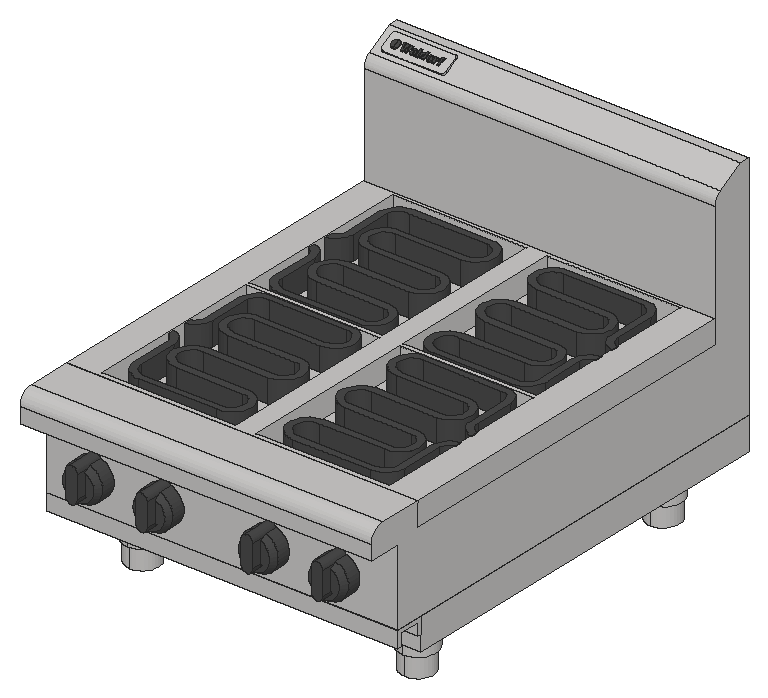
Revit family "QF_MOFFAT WALDORF_RN8400E-B", category Specialty Equipment, Revit 2012 (continued)
Definition of nested family "WALDORF LOGO"
  Forms (mm)
    Extrusion 2, solid, material "QF_Finishes_Black", visible <- "Show Logo"
      sketch origin (0, -15.961, 9.072) x (1, 0, 0) y (0, 0.863373, 0.504566)
        loop
          arc (15.241, 23.571) -> (8.392, 16.525) -> (15.241, 9.479) r 7.049
          line (15.241, 9.479) -> (15.241, 23.571)
        loop
          line (15.641, 23.571) -> (15.641, 9.479)
          arc (15.641, 9.479) -> (22.49, 16.525) -> (15.641, 23.571) r 7.049
        loop
          arc (47.922, 14.711) -> (46.266, 13.749) -> (47.922, 12.787) r 1.107
          line (47.922, 12.787) -> (47.922, 14.711)
      from 0 to 0.2
  Dimensions and locks
    equal spacing: plane 3 "LEFT", plane 7 "Center Y", plane 4 "RIGHT"
    plane 3 "LEFT" to plane 4 "RIGHT" = 109 mm
    equal spacing: plane 5 "FRONT", plane 8 "Center X", plane 1 "BACK"
    plane 5 "FRONT" to plane 1 "BACK" = 1.588 mm
    aligned and locked: level to plane 2
  Automatic sketch dimensions
    Extrusion 1 sketch curve to plane 3 "LEFT" = 0 mm
    Extrusion 1 sketch curve to plane 4 "RIGHT" = 0 mm
    plane 3 "LEFT" to Extrusion 1 sketch curve = 5 mm  (x2)
    plane 4 "RIGHT" to Extrusion 1 sketch curve = 5 mm  (x2)
    Extrusion 1 sketch curve to Extrusion 1 sketch curve = 24.14 mm
    Extrusion 2 sketch curve to Extrusion 2 sketch curve = 0 mm  (x14)
    Extrusion 2 sketch curve to Extrusion 1 = 15.241 mm
    Extrusion 2 sketch curve to Extrusion 2 sketch curve = 0.2 mm
    Extrusion 2 sketch curve to Extrusion 2 sketch curve = 0.4 mm
    Extrusion 2 sketch curve to Extrusion 2 sketch curve = 9.131 mm
    Extrusion 2 sketch curve to Extrusion 1 = 10.301 mm  (x2)
    Extrusion 2 sketch curve to Extrusion 2 sketch curve = 12.351 mm
    Extrusion 2 sketch curve to Extrusion 2 sketch curve = 3.628 mm
    Extrusion 2 sketch curve to Extrusion 2 sketch curve = 2.084 mm
    Extrusion 2 sketch curve to Extrusion 2 sketch curve = 3.559 mm
    Extrusion 2 sketch curve to Extrusion 1 = 10.926 mm  (x2)
    Extrusion 2 sketch curve to Extrusion 2 sketch curve = 3.352 mm  (x2)
    Extrusion 2 sketch curve to Extrusion 2 sketch curve = 3.367 mm
    Extrusion 2 sketch curve to Extrusion 2 sketch curve = 3.249 mm
    Extrusion 2 sketch curve to Extrusion 2 sketch curve = 3.654 mm
    Extrusion 2 sketch curve to Extrusion 1 = 15.33 mm
    Extrusion 2 sketch curve to Extrusion 2 sketch curve = 3.233 mm
    Extrusion 2 sketch curve to Extrusion 2 sketch curve = 4.128 mm
    Extrusion 2 sketch curve to Extrusion 2 sketch curve = 3.725 mm
    Extrusion 2 sketch curve to Extrusion 2 sketch curve = 5.596 mm
    Extrusion 2 sketch curve to Extrusion 2 sketch curve = 4.333 mm
    Extrusion 2 sketch curve to Extrusion 2 sketch curve = 1.394 mm
    Extrusion 2 sketch curve to Extrusion 2 sketch curve = 2.092 mm
    Extrusion 2 sketch curve to Extrusion 2 sketch curve = 0.936 mm
    Extrusion 2 sketch curve to Extrusion 2 sketch curve = 1.34 mm
    Extrusion 2 sketch curve to Extrusion 2 sketch curve = 1.109 mm
    Extrusion 2 sketch curve to Extrusion 2 sketch curve = 0.232 mm
    Extrusion 2 sketch curve to Extrusion 2 sketch curve = 2.731 mm
    Extrusion 2 sketch curve to Extrusion 2 sketch curve = 0.549 mm  (x2)
    Extrusion 2 sketch curve to Extrusion 2 sketch curve = 0.407 mm
    Extrusion 2 sketch curve to Extrusion 2 sketch curve = 0.76 mm
    Extrusion 2 sketch curve to Extrusion 2 sketch curve = 1.334 mm
    Extrusion 2 sketch curve to Extrusion 2 sketch curve = 4.219 mm
    Extrusion 2 sketch curve to Extrusion 2 sketch curve = 5.142 mm
    Extrusion 2 sketch curve to Extrusion 2 sketch curve = 0.803 mm
    Extrusion 2 sketch curve to Extrusion 2 sketch curve = 1.558 mm
    Extrusion 2 sketch curve to Extrusion 2 sketch curve = 3.504 mm
    Extrusion 2 sketch curve to Extrusion 2 sketch curve = 6.245 mm
    Extrusion 2 sketch curve to Extrusion 2 sketch curve = 6.632 mm
    Extrusion 2 sketch curve to Extrusion 2 sketch curve = 3.294 mm
    Extrusion 2 sketch curve to Extrusion 2 sketch curve = 3.579 mm
    Extrusion 2 sketch curve to Extrusion 2 sketch curve = 2.313 mm
    Extrusion 2 sketch curve to Extrusion 2 sketch curve = 2.612 mm
    Extrusion 2 sketch curve to Extrusion 2 sketch curve = 0.852 mm
    Extrusion 2 sketch curve to Extrusion 2 sketch curve = 0.897 mm
    Extrusion 2 sketch curve to Extrusion 2 sketch curve = 3.102 mm
    Extrusion 2 sketch curve to Extrusion 2 sketch curve = 1.338 mm
    Extrusion 2 sketch curve to Extrusion 2 sketch curve = 3.068 mm
    Extrusion 2 sketch curve to Extrusion 2 sketch curve = 0.681 mm
    Extrusion 2 sketch curve to Extrusion 2 sketch curve = 3.749 mm
    Extrusion 2 sketch curve to Extrusion 2 sketch curve = 1.42 mm
    Extrusion 2 sketch curve to Extrusion 2 sketch curve = 5.029 mm  (x2)
    Extrusion 2 sketch curve to Extrusion 1 = 9.479 mm
    Extrusion 2 sketch curve to Extrusion 2 sketch curve = 3.681 mm
    Extrusion 2 sketch curve to Extrusion 2 sketch curve = 0.515 mm
    Extrusion 2 sketch curve to Extrusion 2 sketch curve = 0.804 mm
    Extrusion 2 sketch curve to Extrusion 2 sketch curve = 1.062 mm
    Extrusion 2 sketch curve to Extrusion 2 sketch curve = 1.682 mm
    Extrusion 2 sketch curve to Extrusion 2 sketch curve = 2.508 mm
    Extrusion 2 sketch curve to Extrusion 2 sketch curve = 0.962 mm
    Extrusion 2 sketch curve to Extrusion 2 sketch curve = 2.528 mm
    Extrusion 2 sketch curve to Extrusion 2 sketch curve = 3.875 mm
    Extrusion 2 sketch curve to Extrusion 2 sketch curve = 1.096 mm
    Extrusion 2 sketch curve to Extrusion 2 sketch curve = 0.123 mm
    Extrusion 2 sketch curve to Extrusion 2 sketch curve = 4.922 mm
    Extrusion 2 sketch curve to Extrusion 2 sketch curve = 7.046 mm
    Extrusion 2 sketch curve to Extrusion 2 sketch curve = 0.833 mm
    Extrusion 2 sketch curve to Extrusion 2 sketch curve = 0.776 mm
    Extrusion 2 sketch curve to Extrusion 2 sketch curve = 2.034 mm
    Extrusion 2 sketch curve to Extrusion 2 sketch curve = 7.314 mm
    Extrusion 2 sketch curve to Extrusion 2 sketch curve = 1.295 mm
    Extrusion 2 sketch curve to Extrusion 2 sketch curve = 0.749 mm
    Extrusion 2 sketch curve to Extrusion 2 sketch curve = 2.633 mm
    Extrusion 2 sketch curve to Extrusion 2 sketch curve = 2.198 mm  (x2)
    Extrusion 2 sketch curve to Extrusion 2 sketch curve = 1.968 mm
    Extrusion 2 sketch curve to Extrusion 2 sketch curve = 0.653 mm
    Extrusion 2 sketch curve to Extrusion 2 sketch curve = 1.305 mm
    Extrusion 2 sketch curve to Extrusion 2 sketch curve = 4.357 mm
    Extrusion 2 sketch curve to Extrusion 2 sketch curve = 6.159 mm
    radius of Extrusion 2 sketch curve = 5 mm
